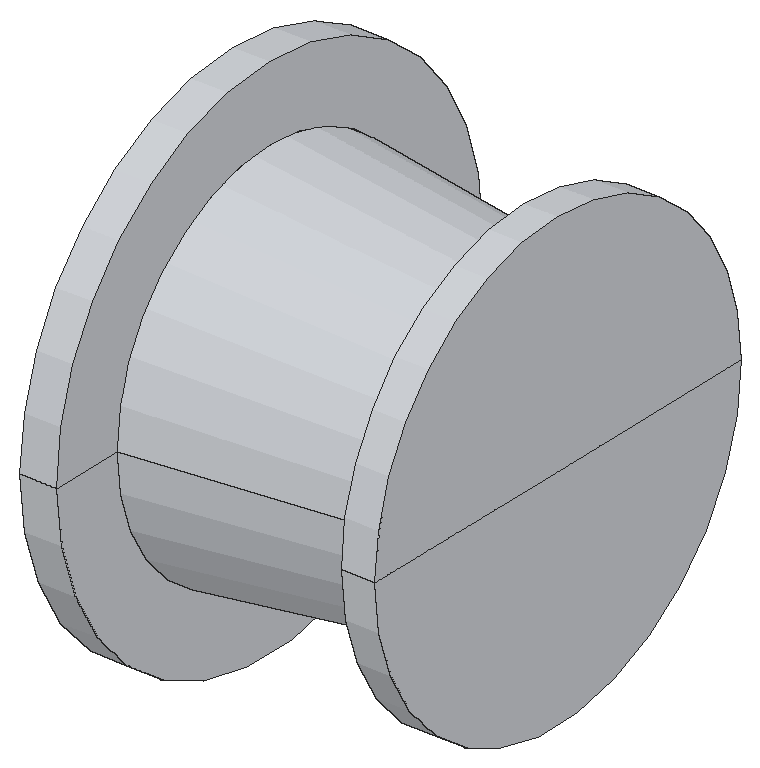
Revit family "0832ee82350f4ab295b2b08e8b3fb0c0", category Pipe Fittings, Revit 2021
Family settings
  Round Connector Dimension = Use Radius
  Part Type = Transition
  OmniClass Number = 23.60.30.11.14
  OmniClass Title = Pipework Fittings
  Work Plane-Based = No
  Always vertical = Yes
  Cut with Voids When Loaded = No
  Shared = No
Parameters (values of type "Standard")
  Visibility 2 [instance] = Nominal Diameter 2 > Nominal Diameter 1  # no
  Visibility 1 [instance] = Nominal Diameter 1 > Nominal Diameter 2  # yes
  URL = ""
  Type Comments = ""
  Tick Size 2 [instance] = if(Nominal Diameter 1 > Nominal Diameter 2, Min Tick Size 12, Max Tick Size 12)  # 17.2000"
  Tick Size 1 [instance] = if(Nominal Diameter 1 > Nominal Diameter 2, Max Tick Size 12, Min Tick Size 12)  # 20.0000"
  Min Tick Size 12 [instance] = Min Flange Diameter 12 * 0.4  # 17.2000"
  Min Flange Thickness 12 [instance] = size_lookup(Lookup Table Name, "FThk", 0.07 * Min Nominal Diameter 12 + 0.8800", Min Nominal Diameter 12)  # 3.1500"
  Min Flange Diameter 12 [instance] = size_lookup(Lookup Table Name, "FDia", 1.2 * Min Nominal Diameter 12 + 5.5200", Min Nominal Diameter 12)  # 43.0000"
  Max Tick Size 12 [instance] = Max Flange Diameter 12 * 0.4  # 20.0000"
  Nominal Radius 2 [instance] = 15.0000"
  Nominal Radius 1 [instance] = 18.0000"
  Nominal Diameter 2 [instance] = Nominal Radius 2 * 2  # 30.0000"
  Nominal Diameter 1 [instance] = Nominal Radius 1 * 2  # 36.0000"
  Min Nominal Diameter 12 [instance] = if(Nominal Diameter 1 > Nominal Diameter 2, Nominal Diameter 2, Nominal Diameter 1)  # 30.0000"
  Max Nominal Diameter 12 [instance] = if(Nominal Diameter 1 > Nominal Diameter 2, Nominal Diameter 1, Nominal Diameter 2)  # 36.0000"
  Max Flange Thickness 12 [instance] = size_lookup(Lookup Table Name, "FThk", 0.07 * Max Nominal Diameter 12 + 0.8800", Max Nominal Diameter 12)  # 3.4600"
  Max Flange Diameter 12 [instance] = size_lookup(Lookup Table Name, "FDia", 1.2 * Max Nominal Diameter 12 + 5.5200", Max Nominal Diameter 12)  # 50.0000"
  Manufacturer = ""
  Loss Method = K Coefficient from Table
  Lookup Table Name = "Flange - Ring - Stainless Steel - Class 300"
  Length [instance] = if(Nominal Diameter 1 = Nominal Diameter 2, Min Nominal Diameter 12 / 2, 4 * (Max Nominal Diameter 12 - Min Nominal Diameter 12))  # 24.0000"
  K Coefficient Table = "Reducer/Coupling/Union/Increaser"
  built-in parameter 1114238 [instance] = (empty or 0)
  Flange Thickness 2 [instance] = if(Nominal Diameter 1 > Nominal Diameter 2, Min Flange Thickness 12, Max Flange Thickness 12)  # 3.1500"
  Flange Thickness 1 [instance] = if(Nominal Diameter 1 > Nominal Diameter 2, Max Flange Thickness 12, Min Flange Thickness 12)  # 3.4600"
  Flange Radius 1 [instance] = Flange Diameter 1 / 2  # 25.0000"
  Flange Radius 2 [instance] = Flange Diameter 2 / 2  # 21.5000"
  Flange Diameter 2 [instance] = if(Nominal Diameter 1 > Nominal Diameter 2, Min Flange Diameter 12, Max Flange Diameter 12)  # 43.0000"
  Flange Diameter 1 [instance] = if(Nominal Diameter 1 > Nominal Diameter 2, Max Flange Diameter 12, Min Flange Diameter 12)  # 50.0000"
  Description = ""
  Default Elevation = 0.0000"
  Assembly Code = ""
Reference planes (in)
  plane 1 "Center (Front/Back)": y = 0
  plane 2: z = 0
  plane 3 "Center (Left/Right)": x = 0
  plane 4 "Right": x = 30.61
  plane 5 "TK1 Top": y = 20
  plane 6 "TK1 Bottom": y = -20
  plane 7 "TK2 Top": y = 17.2
  plane 8 "TK2 Bottom": y = -17.2
  plane 9: y = 18
  plane 10: y = 15
  plane 11: x = 3.46
  plane 12: y = 25
  plane 13: x = 27.46
  plane 14: y = 21.5
Forms (in)
  Extrusion 1, solid, not visible
    sketch origin (0, 0, 0) x (0, 1, 0) y (0, 0, 1)
      loop
        circle (0, 0) r 1
    from 0 to 30.61
  Revolve 2, solid, detail levels fine
    sketch origin (0, 0, 0) x (1, 0, 0) y (0, 1, 0)
      loop
        line (0, 0) -> (30.61, 0) -> (30.61, 21.5) -> (27.46, 21.5) -> (27.46, 15) -> (3.46, 18) -> (3.46, 25) -> (0, 25) -> (0, 0)
      axis (0, 0) -> (30.61, 0)
    angle from 0 to 360
Lines and regions (in)
  model lines, detail levels coarse+medium
    curve 1: line (0, 0, 0) -> (0, 20, 0)
    curve 2: line (0, -20, 0) -> (0, 0, 0)
    curve 3: line (30.61, 0, 0) -> (30.61, 17.2, 0)
    curve 4: line (30.61, 0, 0) -> (30.61, -17.2, 0)
  model lines, style "PipeFitting", visible <- "Visibility 1", detail levels coarse+medium
    curve 5: line (0, 20, 0) -> (30.61, 0, 0)
    curve 6: line (0, -20, 0) -> (30.61, 0, 0)
  model lines, style "PipeFitting", visible <- "Visibility 2", detail levels coarse+medium
    curve 7: line (30.61, 17.2, 0) -> (0, 0, 0)
    curve 8: line (0, 0, 0) -> (30.61, -17.2, 0)
Dimensions and locks (in)
  "Tick Size 1": plane 5 "TK1 Top" to plane 1 "Center (Front/Back)"
  "Tick Size 1": plane 6 "TK1 Bottom" to plane 1 "Center (Front/Back)"
  "Tick Size 2": plane 7 "TK2 Top" to plane 1 "Center (Front/Back)"
  "Tick Size 2": plane 8 "TK2 Bottom" to plane 1 "Center (Front/Back)"
  "Nominal Radius 1": plane 9 to plane 1 "Center (Front/Back)"
  "Nominal Radius 2": plane 10 to plane 1 "Center (Front/Back)"
  "Flange Thickness 1": plane 3 "Center (Left/Right)" to plane 11
  "Flange Thickness 2": plane 13 to plane 4 "Right"
  "Length": plane 11 to plane 13
  "Flange Radius 1": plane 12 to plane 1 "Center (Front/Back)"
  "Flange Radius 2": plane 14 to plane 1 "Center (Front/Back)"
  radius of Extrusion 1 sketch curve = 1.0000"
  aligned and locked: plane 2 to level
  aligned and locked: plane 2 to Extrusion 1 sketch curve
  aligned and locked: plane 1 "Center (Front/Back)" to Extrusion 1 sketch curve
  aligned and locked: Extrusion 1 to plane 3 "Center (Left/Right)"
  aligned and locked: plane 4 "Right" to Extrusion 1
  aligned and locked: plane 1 "Center (Front/Back)" to curve 2
  aligned and locked: plane 3 "Center (Left/Right)" to curve 1
  aligned and locked: plane 3 "Center (Left/Right)" to curve 2
  aligned and locked: plane 5 "TK1 Top" to curve 1
  aligned and locked: plane 6 "TK1 Bottom" to curve 2
  aligned and locked: curve 3 to plane 7 "TK2 Top"
  aligned and locked: curve 4 to plane 4 "Right"
  aligned and locked: plane 1 "Center (Front/Back)" to Revolve 2 sketch curve
  aligned and locked: Revolve 2 sketch curve to Revolve 2 sketch curve
  aligned and locked: Revolve 2 sketch curve to plane 3 "Center (Left/Right)"
  aligned and locked: plane 11 to Revolve 2 sketch curve
  aligned and locked: plane 12 to Revolve 2 sketch curve
  aligned and locked: plane 13 to Revolve 2 sketch curve
  aligned and locked: Revolve 2 sketch curve to plane 4 "Right"
  aligned and locked: plane 14 to Revolve 2 sketch curve
Automatic sketch dimensions
  plane 8 "TK2 Bottom" to curve 8 = 0.0000"
  plane 1 "Center (Front/Back)" to curve 4 = 0.0000"
  Revolve 2 sketch curve to plane 9 = 0.0000"
  Revolve 2 sketch curve to plane 10 = 0.0000"
  Revolve 2 sketch curve to plane 3 "Center (Left/Right)" = 9.7500"
  plane 4 "Right" to Revolve 2 sketch curve = 7.2500"
Connectors (in)
  piping at (0, 0, 0), diameter 36, driven by "Nominal Radius 1"
    settings: on Revolve 2, index 1, connector inside diameter 36.0000", connector length 0.0000", flow factor 0, pipe flow 0 GPM, pressure drop 0.00 psi, fitting loss kfactor 0, connector angle 0.00°, fixture units 0, engagement length 0.0000", angle of deflection 0.00°, flow configuration 0, flow direction 0, fitting loss method 0, system type 28, joint type 0, gender type 0, connector reference index 2, connector utility 0, adjustable connector no, is connector primary yes, connector description ""
  piping at (30.61, 0, 0), diameter 30, driven by "Nominal Radius 2"
    settings: on Revolve 2, index 2, connector inside diameter 30.0000", connector length 0.0000", flow factor 0, pipe flow 0 GPM, pressure drop 0.00 psi, fitting loss kfactor 0, connector angle 0.00°, fixture units 0, engagement length 0.0000", angle of deflection 0.00°, flow configuration 0, flow direction 0, fitting loss method 0, system type 28, joint type 0, gender type 0, connector reference index 1, connector utility 0, adjustable connector no, is connector primary no, connector description ""
